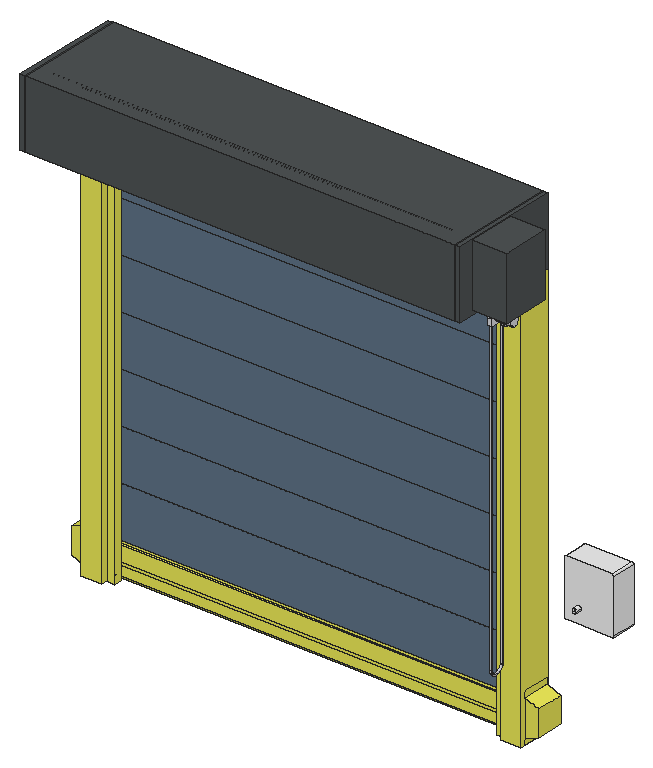
Revit family "Doors_Industrial_Wayne-Dalton_Interior-Freezer-&-Cooler-Doors-Model-887-ADV-Xtreme_new", category Specialty Equipment, host Wall, Revit 2019
Family settings
  Host = Wall
  Round Connector Dimension = Use Diameter
  Part Type = Normal
  OmniClass Number = 23.30.10.21.34
  OmniClass Title = Industrial Doors
  Always vertical = Yes
  Cut with Voids When Loaded = No
  Shared = No
  Room Calculation Point = No
Parameters (values of type "230 volts, three phase, 60 Hz (208-245V range)")
  Voltage Option = if(Voltage = 230 V, 1, if(Voltage = 460 V, 2, 3))  # 1
  True Width [instance] = [Door Width (Real)]  # 10' - 0"
  True Height [instance] = [Door Height (Real)]  # 10' - 0"
  Slat Height = 1' - 4"  # constant formula
  Product Page URL = "https://www.wayne-dalton.com/high-speed-interior-fabric-door-887"
  Powder Coat (Note) = "Standard color for guides and bottom bar is yellow. Approximately 200 optional RAL powder coat colors are also available."  # constant formula
  Panel Material [instance] = Insulated Vinyl - Wayne Dalton - Blue
  Panel Length [instance] = [Door Width (Real)] + 0' 5"  # 10' - 5"
  Motor Cover [instance] = yes
  Hood Material = Metal - Wayne Dalton - Black
  Headroom Height [instance] = if(and([Door Height (Real)] > 8' 0", Air Curtain Option < 3), 3' 6", 3' 0")  # 3' - 6"
  External Transformer [instance] = if(Air Curtain Option = 2, 1 = 1, 1 = 2)  # no
  Door Width (Real) [instance] = if(Door Width > Max Door Width, Max Door Width, if(Door Width < Min Door Width, Min Door Width, Door Width))  # 10' - 0"
  Door Height (Real) [instance] = if(Door Height > Max Door Height, Max Door Height, if(Door Height < Min Door Height, Min Door Height, Door Height))  # 10' - 0"
  Rough Width [instance] = [Door Width (Real)]  # 10' - 0"
  Rough Height [instance] = [Door Height (Real)] - 0' 10 1/2"  # 9' - 1 1/2"
  Opening Width [instance] = Rough Width  # 10' - 0"
  Opening Height [instance] = Rough Height  # 9' - 1 1/2"
  Voltage = 230 V
  URL = "https://www.wayne-dalton.com/"
  Product data url = "https://www.bimobject.com/wayne-dalton/product/interior-freezer-cooler-doors-model-887-ADV-Xtreme"
  Product Guid = "093fc43b-de7a-4cc4-b14f-1d33e952d7d3"
  Power Factor = 1
  Number of Poles = 3
  Model = "887"  # constant formula
  Min Door Width [instance] = 4' - 0"  # constant formula
  Min Door Height [instance] = 4' - 0"  # constant formula
  Max Door Width [instance] = 12' - 0"  # constant formula
  Max Door Height [instance] = 18' - 0"  # constant formula
  Manufacturer = "Wayne Dalton"  # constant formula
  Frequency = 60 Hz  # constant formula
  Wall Closure = By host
  Floor To (CL) of Shaft [instance] = [Door Height (Real)] + Headroom Height - 0' 5 59/128"  # 13' - 0 69/128"
  Apparent Load Phase 3 [instance] = if(Number of Poles = 1, 0 VA, (Voltage * Current * sqrt(3)) / 3)  # 10623.2 VA
  Apparent Load Phase 2 [instance] = if(Number of Poles = 1, 0 VA, (Voltage * Current * sqrt(3)) / 3)  # 10623.2 VA
  Apparent Load Phase 1 [instance] = if(Number of Poles = 1, Voltage * Current, (Voltage * Current * sqrt(3)) / 3)  # 10623.2 VA
  Air Curtain Option [instance] = 1
  Additional Current W/O Air Curtain = if(Voltage = 460 V, 15 A, 20 A)  # 20 A
  Connector Description = "Rapidflex Large Control Panel"  # constant formula
  Finish Material = Finish - Wayne Dalton - Yellow
  Door Width [instance] = 10' - 0"
  Door Height [instance] = 10' - 0"
  Description = "Designed for thermal control and ideal for cold and food and beverage storage, Model 887 ADV-Xtreme features an insulated curtain with actively heated guides that ensures a uniform temperature and smooth door movement.‬‬ The innovative springless design requires minimal interruption for maintenance and the curtain comes pre-wrapped, ready for installation. Pre-wired motor, guide heater and air curtain connection and plug and play accessories help reduce the need for a licensed electrician."  # constant formula
  Current [instance] = if(and(Voltage Option = 1, Air Curtain Option < 3), [Additional Current W/O Air Curtain] + 60 A, if(and(Voltage Option = 2, or(Air Curtain Option = 1, Air Curtain Option < 1)), [Additional Current W/O Air Curtain] + 30 A, if(and(Voltage Option = 2, Air Curtain Option = 2), [Additional Current W/O Air Curtain] + 60 A, if(and(Voltage Option = 3, or(Air Curtain Option = 1, Air Curtain Option < 1)), [Additional Current W/O Air Curtain] + 15 A, if(and(Voltage Option = 3, Air Curtain Option = 2), [Additional Current W/O Air Curtain] + 60 A, [Additional Current W/O Air Curtain])))))  # 80 A
  Backroom Depth [instance] = 2' - 10 1/2"  # constant formula
  Array [instance] = roundup((Rough Height + Headroom Height - 1' 9 41/128" - 0' 11 1/2") / Slat Height)  # 8
  Air Curtain Type [instance] = if(or(Air Curtain Option < 1, Air Curtain Option = 1), "Ambient Air Curtain", if(Air Curtain Option = 2, "Heated Air Curtain", "No Air Curtain"))  # "Ambient Air Curtain"
Types (3): name | Voltage Option | Voltage | Apparent Load Phase 3 | Apparent Load Phase 2 | Apparent Load Phase 1 | Additional Current W/O Air Curtain | Current
  230 volts, three phase, 60 Hz (208-245V range) | 1 | 230 V | 10623.2 VA | 10623.2 VA | 10623.2 VA | 20 A | 80 A
  460 volts, three phase, 60 Hz (456-495V range) | 2 | 460 V | 11951.2 VA | 11951.2 VA | 11951.2 VA | 15 A | 45 A
  575 volts, three phase, 60 Hz | 3 | 575 V | 11619.2 VA | 11619.2 VA | 11619.2 VA | 20 A | 35 A
Reference planes (in)
  plane 1 "Center (Front/Back)": y = 0
  plane 2 "Center (Left/Right)": x = 0
  plane 3 "Left": x = -60
  plane 4 "Right": x = 60
  plane 5 "Top": z = 120
  plane 6 "Exterior": y = 1.5
  plane 7 "Interior": y = -4.5
  plane 8: x = 60
  plane 9: x = -60
  plane 10: z = 109.5
  plane 11: z = 151.5
  plane 12 "Main": y = -9.75
  plane 13: y = -39
  plane 14 "Main Door Block": y = -4.5
  plane 15: z = 47.47
  plane 16: z = 11.5
  plane 17: z = 11.5
  plane 18: x = 62.5
  plane 19: x = -62.5
  plane 20: z = 27.5
  plane 21: z = 27.5
  plane 22: z = 43.5
  plane 23: y = -8.75
  plane 24: y = -10.815
  plane 25: z = 43.5
  plane 26: z = 59.5
  plane 27: z = 75.5
  plane 28: z = 91.5
  plane 29: z = 107.5
  plane 30: z = 123.5
Forms (in)
  Extrusion 1, solid, material "Insulated Vinyl - Wayne Dalton - Blue" <- "Panel Material"
    sketch origin (-62.5, -12, 0) x (0, 0, 1) y (0, -1, 0)
      loop
        line (27.5, -3.25) -> (27.5, -1.185) -> (11.5, -1.185) -> (11.5, -3.25) -> (27.5, -3.25)
    from 0 to 125 <- "Panel Length"
  Extrusion 2, solid, material "Insulated Vinyl - Wayne Dalton - Blue" <- "Panel Material"
    sketch origin (-62.5, -12, 16) x (0, 0, 1) y (0, -1, 0)
      loop
        line (27.5, -3.25) -> (27.5, -1.185) -> (11.5, -1.185) -> (11.5, -3.25) -> (27.5, -3.25)
    from 0 to 125 <- "Panel Length"
  Extrusion 3, solid, material "Insulated Vinyl - Wayne Dalton - Blue" <- "Panel Material"
    sketch origin (-62.5, -12, 32) x (0, 0, 1) y (0, -1, 0)
      loop
        line (27.5, -3.25) -> (27.5, -1.185) -> (11.5, -1.185) -> (11.5, -3.25) -> (27.5, -3.25)
    from 0 to 125 <- "Panel Length"
  Extrusion 4, solid, material "Insulated Vinyl - Wayne Dalton - Blue" <- "Panel Material"
    sketch origin (-62.5, -12, 48) x (0, 0, 1) y (0, -1, 0)
      loop
        line (27.5, -3.25) -> (27.5, -1.185) -> (11.5, -1.185) -> (11.5, -3.25) -> (27.5, -3.25)
    from 0 to 125 <- "Panel Length"
  Extrusion 5, solid, material "Insulated Vinyl - Wayne Dalton - Blue" <- "Panel Material"
    sketch origin (-62.5, -12, 64) x (0, 0, 1) y (0, -1, 0)
      loop
        line (27.5, -3.25) -> (27.5, -1.185) -> (11.5, -1.185) -> (11.5, -3.25) -> (27.5, -3.25)
    from 0 to 125 <- "Panel Length"
  Extrusion 6, solid, material "Insulated Vinyl - Wayne Dalton - Blue" <- "Panel Material"
    sketch origin (-62.5, -12, 80) x (0, 0, 1) y (0, -1, 0)
      loop
        line (27.5, -3.25) -> (27.5, -1.185) -> (11.5, -1.185) -> (11.5, -3.25) -> (27.5, -3.25)
    from 0 to 125 <- "Panel Length"
  Extrusion 7, solid, material "Insulated Vinyl - Wayne Dalton - Blue" <- "Panel Material"
    sketch origin (-62.5, -12, 96) x (0, 0, 1) y (0, -1, 0)
      loop
        line (27.5, -3.25) -> (27.5, -1.185) -> (11.5, -1.185) -> (11.5, -3.25) -> (27.5, -3.25)
    from 0 to 125 <- "Panel Length"
  Extrusion 8, solid, material "Insulated Vinyl - Wayne Dalton - Blue" <- "Panel Material"
    sketch origin (-62.5, -12, 112) x (0, 0, 1) y (0, -1, 0)
      loop
        line (27.5, -3.25) -> (27.5, -1.185) -> (11.5, -1.185) -> (11.5, -3.25) -> (27.5, -3.25)
    from 0 to 125 <- "Panel Length"
Lines and regions (in)
  Opening 1
    outline origin (-90, -4.5, 0) x (1, 0, 0) y (0, 0, 1)
      loop
        line (30, 0) -> (150, 0) -> (150, 109.5) -> (30, 109.5) -> (30, 0)
Text (in)
  text "Exterior" at (-74.96733, 27.31104, 0), in view "Ref. Level"
  text "Interior" at (-74.96733, -25.14366, 0), in view "Ref. Level"
  text "Exterior" at (0, 40.15149, 123.01588), in view "Right"
  text "Interior" at (0, -64.39139, 123.01588), in view "Right"
  text "Interior" at (0, -31.01599, 123.00693), in view "Left"
  text "Exterior" at (0, 54.57065, 123.00693), in view "Left"
Dimensions and locks (in)
  equal spacing: plane 3 "Left", plane 2 "Center (Left/Right)", plane 4 "Right"
  "Door Height (Real)": level to plane 5 "Top"
  "Door Width (Real)": plane 3 "Left" to plane 4 "Right"
  host wall to plane 5 "Top" = 10' - 0"
  level to host wall = 38' - 3.59655"
  "Rough Height": level to plane 10
  equal spacing: plane 9, plane 2 "Center (Left/Right)", plane 8
  "Rough Width": plane 8 to plane 9
  "Headroom Height": plane 10 to plane 11
  "Backroom Depth": plane 7 "Interior" to plane 13
  plane 10 to level = 9' - 1 1/2"
  locked: plane 14 "Main Door Block" to plane 12 "Main" at 5.25
  plane 1 "Center (Front/Back)" to plane 7 "Interior" = 0' - 4 1/2"
  locked: Extrusion 1 sketch curve to Extrusion 1 sketch curve at 2.065
  locked: Extrusion 1 sketch curve to plane 17 at 16
  locked: plane 9 to plane 19 at 2.5
  locked: plane 18 to plane 8 at 2.5
  locked: Extrusion 2 sketch curve to Extrusion 2 sketch curve at 2.065
  locked: Extrusion 2 sketch curve to plane 20 at 16
  equal spacing: group 1, group 2, group 3, group 4, group 5, group 6, group 7, group 8  (x3)
  locked: plane 16 to nested 1 at 11.5
  "Slat Height": plane 21 to plane 16
  "Slat Height": plane 22 to plane 21
  locked: plane 16 to level at 11.5
  locked: plane 23 to plane 12 "Main" at 1
  locked: plane 23 to plane 24 at 2.065
  locked: plane 6 "Exterior" to plane 1 "Center (Front/Back)" at 1.5
  locked: Extrusion 3 sketch curve to Extrusion 3 sketch curve at 2.065
  locked: Extrusion 3 sketch curve to plane 25 at 16
  locked: Extrusion 4 sketch curve to Extrusion 4 sketch curve at 2.065
  locked: Extrusion 4 sketch curve to plane 26 at 16
  equal spacing: plane 8, plane 2 "Center (Left/Right)", plane 9
  nested 1 to plane 10 = 1' - 8 87/128"
  locked: Extrusion 5 sketch curve to Extrusion 5 sketch curve at 2.065
  locked: Extrusion 5 sketch curve to plane 27 at 16
  locked: Extrusion 6 sketch curve to Extrusion 6 sketch curve at 2.065
  locked: Extrusion 6 sketch curve to plane 28 at 16
  locked: Extrusion 7 sketch curve to Extrusion 7 sketch curve at 2.065
  locked: Extrusion 7 sketch curve to plane 29 at 16
  locked: Extrusion 8 sketch curve to Extrusion 8 sketch curve at 2.065
  locked: Extrusion 8 sketch curve to plane 30 at 16
  aligned and locked: Opening 1 sketch curve to level
  aligned and locked: plane 6 "Exterior" to host wall
  aligned and locked: host wall to plane 7 "Interior"
  aligned and locked: plane 9 to Opening 1 sketch curve
  aligned and locked: plane 8 to Opening 1 sketch curve
  aligned and locked: Opening 1 sketch curve to plane 10
  aligned and locked: nested 1 to plane 7 "Interior"
  aligned and locked: nested 1 to plane 2 "Center (Left/Right)"
  aligned and locked: level to nested 1
  aligned and locked: plane 14 "Main Door Block" to plane 7 "Interior"
  aligned and locked: Extrusion 1 to plane 16
  aligned and locked: Extrusion 2 to plane 21
  aligned and locked: plane 22 to Extrusion 2
  aligned and locked: plane 24 to Extrusion 2
  aligned and locked: plane 24 to Extrusion 1
  aligned and locked: Extrusion 1 to plane 19
  aligned and locked: Extrusion 2 to plane 19
Automatic sketch dimensions
  Extrusion 1 sketch curve to plane 17 = 0' - 0"
  Extrusion 2 sketch curve to plane 20 = 0' - 0"
  Extrusion 3 sketch curve to plane 25 = 0' - 0"
  Extrusion 4 sketch curve to plane 26 = 0' - 0"
  Extrusion 5 sketch curve to plane 27 = 0' - 0"
  Extrusion 6 sketch curve to plane 28 = 0' - 0"
  Extrusion 7 sketch curve to plane 29 = 0' - 0"
  Extrusion 8 sketch curve to plane 30 = 0' - 0"
Nested families (in)
  nested 1: "Lifts" at (0, -4.5, 0) x (-1, 0, 0) z (0, 0, 1), Motor Cover <- "Motor Cover", Air Curtain Option <- "Air Curtain Option", type "Frame Unit"
    with Spool Radius 1' - 2", Rod 2 no, Rod 1 no, Right Motor Position yes, No Air Curtain yes, Motor Cover Off no, Motor Cover yes, Masking Region Right Motor no, Masking Region Left Motor no, Left Motor Position no, Header Option 1, Floor To (CL) of Shaft 12' - 2.04", Electric Operator Position 14' - 8.16", Air Curtain Option 1
Connectors (in)
  electrical at (88.08, -12.04, 48), driven by "Number of Poles", driven by "Voltage", driven by "Apparent Load Phase 1", driven by "Power Factor", driven by "Connector Description", driven by "Apparent Load Phase 2", driven by "Apparent Load Phase 3"
    settings: on nested 1, index 1, voltage 230 V, apparent load 0 VA, apparent load phase1 10623.2 VA, apparent load phase2 10623.2 VA, apparent load phase3 10623.2 VA, power factor 1, load classification "Other", number of poles 3, system type 31, power factor state 1, is connector primary yes, connector utility no, sub classification motor no, connector description "Rapidflex Large Control Panel"
Definition of nested family "Lifts"
  Parameters (values of type "Frame Unit")
    Spool Radius [instance] = if(or(Header Option < 1, Header Option = 1), 1' 2", 1' 5.7")  # 1' - 5.7"
    Shaft Material = none
    Rod 2 [instance] = if(and(not(Motor Cover), Right Motor Position), 1 = 1, 1 = 2)  # no
    Rod 1 [instance] = if(and(not(Motor Cover), Left Motor Position), 1 = 1, 1 = 2)  # no
    Right Motor Position [instance] = yes
    Opening Width = 10' - 0"
    No Air Curtain [instance] = if(Air Curtain Option > 2, 1 = 2, 1 = 1)  # yes
    Naked Header = not(Hood Option)  # no
    Motor Cover Off [instance] = not(Motor Cover)  # no
    Motor Cover [instance] = yes
    Masking Region Right Motor [instance] = if(and(Right Motor Position, Motor Cover Off), 1 = 1, 1 = 2)  # no
    Masking Region Left Motor [instance] = if(and(Left Motor Position, Motor Cover Off), 1 = 1, 1 = 2)  # no
    Left Motor Position [instance] = yes
    Hood Option = yes
    Hood Material = none
    Headroom Height = 3' - 6"
    Header Width = 2' - 10 1/2"
    Header Option [instance] = 2
    Header Height = 1' - 9 41/128"
    Guid Width = 0' - 9"
    External Transformer = no
    Electric Operator Position [instance] = if(Right Motor Position, (2' 4.08" * 2 + Opening Width), 0' 0")  # 14' - 8.16"
    Clearance = yes
    Opening Height = 9' - 1 1/2"
    Floor To (CL) of Shaft [instance] = Opening Height + Headroom Height - 0' 5.46"  # 12' - 2.04"
    Finish Material = none
    Analytic Construction = "<None>"
    Air Curtain Option [instance] = 1
  Reference planes (in)
    plane 1 "Center (Front/Back)": y = 0
    plane 2: z = 0
    plane 3 "Center (Left/Right)": x = 0
    plane 4 "Left": x = -60
    plane 5 "Right": x = 60
    plane 6 "Center Line of Shaft": z = 146.04
    plane 7 "Headroom Top": z = 151.5
    plane 8 "Opening Height": z = 109.5
    plane 9: x = -78
    plane 10 "Shaft": x = -75.54413
    plane 11 "Box": x = -88.08
    plane 12 "EBOX": z = 48
    plane 13: z = 39.09375
    plane 14: z = 56.90625
    plane 15: z = 43.5
    plane 16: y = 14.53
    plane 17: y = 7.54
    plane 18: z = 130.17969
    plane 19: y = 34.5
    plane 20: x = 78
    plane 21: x = 69
    plane 22: x = -69
    plane 23: x = -80.33
    plane 24: x = -95.83
    plane 25 "Center L/NN": x = 88.08
    plane 26: y = 5.2825
    plane 27: x = 62.5
    plane 28: x = -62.5
    plane 29: y = 0.437
    plane 30: y = 9.6225
    plane 31: y = 8.6825
    plane 32: y = 10.5625
    plane 33: y = 10.5625
    plane 34: y = 9.067
    plane 35: x = 58.5
    plane 36: x = -58.5
    plane 37: x = 70.5
    plane 38: x = -78
    plane 39: y = -21.1994
    plane 40: y = -20.6994
  Forms (in)
    Extrusion 1, solid, material <- "Shaft Material"
      sketch origin (0, 0, 0) x (0, 1, 0) y (0, 0, 1)
        loop
          circle (20.3, 146.04) r 0.78
      from -78 to 70.5
    Extrusion 2, solid, material <- "Hood Material"
      sketch origin (60, 0, 0) x (0, -1, 0) y (0, 0, 1)
        loop
          circle (-20.3, 146.04) r 2.5
      from -6.97 to -8.254
    Extrusion 3, solid
      sketch origin (-1.95651, 0, 0) x (1, 0, 0) y (0, 0, 1)
        loop
          line (-78.87349, 56.90625) -> (-93.37349, 56.90625)
          arc (-93.37349, 56.90625) -> (-93.72704, 56.7598) -> (-93.87349, 56.40625) r 0.5
          line (-93.87349, 56.40625) -> (-93.87349, 39.59375)
          arc (-93.87349, 39.59375) -> (-93.72704, 39.2402) -> (-93.37349, 39.09375) r 0.5
          line (-93.37349, 39.09375) -> (-78.87349, 39.09375)
          arc (-78.87349, 39.09375) -> (-78.51993, 39.2402) -> (-78.37349, 39.59375) r 0.5
          line (-78.37349, 39.59375) -> (-78.37349, 56.40625)
          arc (-78.37349, 56.40625) -> (-78.51993, 56.7598) -> (-78.87349, 56.90625) r 0.5
      from -7.54 to 0
    Revolve 4, solid, visible <- "Right Motor Position"
      sketch origin (-55.03203, -180, 43.5) x (-1, 0, 0) y (0, -1, 0)
        loop
          line (29.68797, -187.54) -> (28.93797, -187.54) -> (29.08797, -189.312) -> (29.68797, -189.312) -> (29.68797, -187.54)
        axis (29.68797, -187.54) -> (29.68797, -189.312)
      angle from 0 to 360
    Extrusion 5, solid, material <- "Finish Material"
      sketch origin (0, 0, 0) x (1, 0, 0) y (0, 1, 0)
        loop
          line (-69, 0) -> (-62.5, 0) -> (-62.5, 1.75) -> (-60, 1.75) -> (-60, 4.25) -> (-63.25, 4.25) -> (-63.25, 6.3125) -> (-60, 6.3125) -> (-60, 8.8125) -> (-62.5, 8.8125) -> (-62.5, 10.5625) -> (-69, 10.5625) -> (-69, 0)
        loop
          line (69, 0) -> (69, 10.5625) -> (62.5, 10.5625) -> (62.5, 8.8125) -> (60, 8.8125) -> (60, 6.3125) -> (63.25, 6.3125) -> (63.25, 4.25) -> (60, 4.25) -> (60, 1.75) -> (62.5, 1.75) -> (62.5, 0) -> (69, 0)
      from 0 to 130.17969
    Extrusion 6, solid, material <- "Hood Material", visible <- "Hood Option"
      sketch origin (0, 0, 0) x (0, 1, 0) y (0, 0, 1)
        loop
          line (0, 130.17969) -> (34.5, 130.17969) -> (34.5, 151.5) -> (0, 151.5) -> (0, 130.17969)
      from -67.475 to 67.475
    Extrusion 7, solid, material <- "Hood Material"
      sketch origin (0, 0, 0) x (1, 0, 0) y (0, 1, 0)
        loop
          line (69, 0) -> (69, 34.5) -> (67.475, 34.5) -> (67.475, 0) -> (69, 0)
        loop
          line (-69, 0) -> (-67.475, 0) -> (-67.475, 34.5) -> (-69, 34.5) -> (-69, 0)
      from 130.17969 to 151.5
    Extrusion 8, solid, material <- "Hood Material"
      sketch origin (-60, -60, 48) x (0, -1, 0) y (0, 0, 1)
        loop
          circle (-80.3, 98.04) r 2.5
      from 6.97 to 8.254
    Extrusion 9, solid, visible <- "External Transformer"
      sketch origin (0, 0, 48) x (1, 0, 0) y (0, 1, 0)
        loop
          line (-93.08, 0) -> (-83.08, 0) -> (-83.08, 0.125) -> (-84.58, 0.125) -> (-84.58, 7) -> (-91.58, 7) -> (-91.58, 0.125) -> (-93.08, 0.125) -> (-93.08, 0)
      from -22 to -10
    Extrusion 10, solid, material <- "Shaft Material"
      sketch origin (0, 0, 0) x (0, 1, 0) y (0, 0, 1)
        loop
          circle (7.77, 136.22) r 0.78
      from -70.5 to 70.5
    Extrusion 11, solid, material <- "Finish Material"
      sketch origin (0, 0, 0) x (0, 1, 0) y (0, 0, 1)
        loop
          arc (5.28066, 0.24186) -> (5.87463, 0.48789) -> (6.12066, 1.08186) r 0.84
          line (6.12066, 1.08186) -> (6.12066, 4.45647) -> (6.3125, 4.45647) -> (6.3125, 5.24849) -> (6.1825, 5.24849) -> (6.1825, 9.94196) -> (5.70511, 10.15451) -> (5.70511, 11.5) -> (4.95511, 11.5) -> (4.95511, 10.11927) -> (4.45511, 10.11927) -> (4.37974, 9.75525) -> (4.37974, 5.24849) -> (4.25, 5.24849) -> (4.25, 4.45647) -> (4.44434, 4.45647) -> (4.44434, 1.08186)
          arc (4.44434, 1.08186) -> (4.69037, 0.48789) -> (5.28434, 0.24186) r 0.84
      from -62.5 to 62.5
    Extrusion 12, solid, material <- "Finish Material"
      sketch origin (0, 0, 0) x (1, 0, 0) y (0, 0, 1)
        loop
          line (69, 15.5) -> (69, 0.24186) -> (69.12104, 0.24186) -> (69.12104, 2.04186) -> (73.24004, 3.80897) -> (73.24004, 11.933) -> (69.12104, 13.7) -> (69.12104, 15.5) -> (69, 15.5)
        loop
          line (-69, 15.5) -> (-69.12104, 15.5) -> (-69.12104, 13.7) -> (-73.24004, 11.933) -> (-73.24004, 3.80897) -> (-69.12104, 2.04186) -> (-69.12104, 0.24186) -> (-69, 0.24186) -> (-69, 15.5)
      from -9.067 to -0.437
    Extrusion 13, solid, material <- "Hood Material", visible <- "No Air Curtain"
      sketch origin (0, 0, 0) x (0, 1, 0) y (0, 0, 1)
        loop
          line (15.095, 121.13969) -> (21.144, 121.13969) -> (23.595, 125.66419) -> (21.144, 130.17969) -> (15.095, 130.17969) -> (15.095, 121.13969)
      from -58.5 to 58.5
    Extrusion 14, solid, material <- "Hood Material"
      sketch origin (60, -12, 0) x (0, -1, 0) y (0, 0, 1)
        loop
          circle (-19.77, 136.22) r 2.5
      from -6.97 to -8.254
    Extrusion 15, solid, material <- "Hood Material"
      sketch origin (-60, -72.25, 48) x (0, -1, 0) y (0, 0, 1)
        loop
          circle (-80.02, 88.22) r 2.5
      from 6.97 to 8.254
    Extrusion 16, void
      sketch origin (-94.955, 0.125, 48) x (1, 0, 0) y (0, 0, -1)
        loop
          line (11.875, 11) -> (10.375, 11) -> (10.375, 10) -> (14.02973, 10) -> (14.02973, 22) -> (10.375, 22) -> (10.375, 15.5) -> (11.875, 15.5) -> (11.875, 11)
        loop
          line (1.875, 15.5) -> (3.375, 15.5) -> (3.375, 22) -> (0.02973, 22) -> (0.02973, 10) -> (3.375, 10) -> (3.375, 11) -> (1.875, 11) -> (1.875, 15.5)
      from -0.125 to 6.875
  Cuts and joins
    Extrusion 16 cuts Extrusion 9
  Lines and regions (in)
    Masking region 1
      outline origin (0, 0, 0) x (1, 0, 0) y (0, 1, 0)
        loop
          line (-95.83, 0) -> (-80.33, 0) -> (-80.33, 7.54) -> (-95.83, 7.54) -> (-95.83, 0)
    Masking region 2, visible <- "Right Motor Position"
      outline origin (0, 0, 0) x (1, 0, 0) y (0, 1, 0)
        loop
          line (-83.97, 7.54) -> (-84.12, 9.312) -> (-85.32, 9.312) -> (-85.47, 7.54) -> (-83.97, 7.54)
    Masking region 3, visible <- "Hood Option"
      outline origin (0, 0, 0) x (1, 0, 0) y (0, 1, 0)
        loop
          line (69, 34.5) -> (-69, 34.5) -> (-69, 0) -> (69, 0) -> (69, 34.5)
    Masking region 4, visible <- "Naked Header"
      outline origin (0, 0, 0) x (1, 0, 0) y (0, 1, 0)
        loop
          line (-59.1721, 4.9297) -> (-59, 4.80919) -> (-59, 3.43021) -> (-59.1721, 3.3097) -> (59.1721, 3.3097) -> (59, 3.43021) -> (59, 4.80919) -> (59.1721, 4.9297) -> (-59.1721, 4.9297)
    Masking region 5, visible <- "Right Motor Position"
      outline origin (0, 0, 0) x (1, 0, 0) y (0, 1, 0)
        loop
          line (69, 21.08) -> (69, 19.52) -> (70.5, 19.52) -> (70.5, 21.08) -> (69, 21.08)
    Masking region 6
      outline origin (0, 0, 0) x (1, 0, 0) y (0, 1, 0)
        loop
          line (70.5, 8.55) -> (69, 8.55) -> (69, 6.98114) -> (70.5, 6.98114) -> (70.5, 8.55)
    Masking region 7, built-in parameter 1006206 <- "Left Motor Position"
      outline origin (0, 0, 0) x (1, 0, 0) y (0, 1, 0)
        loop
          line (-70.5, 8.55) -> (-70.5, 6.99454) -> (-69, 6.99454) -> (-69, 8.55) -> (-70.5, 8.55)
    Masking region 8, visible <- "Rod 2"
      outline origin (0, 0, 0) x (0, 1, 0) y (-1, 0, 0)
        loop
          line (21.08, 78) -> (19.52, 78) -> (19.52, 77.23047) -> (20.39891, 77.23047) -> (20.39891, 76.69922) -> (21.08, 76.69922) -> (21.08, 78)
        loop
          line (21.08, 69) -> (21.08, 70.92348) -> (20.90422, 70.92348) -> (20.90422, 72.158) -> (21.08, 72.158) -> (21.08, 72.758) -> (20.39, 72.758) -> (20.39, 72.218) -> (19.52, 72.218) -> (19.52, 69) -> (21.08, 69)
    Masking region 9
      outline origin (0, 0, 0) x (1, 0, 0) y (0, 1, 0)
        loop
          line (69, 9.067) -> (69, 8.55) -> (70.5, 8.55) -> (70.5, 6.98114) -> (69, 6.98114) -> (69, 0.437) -> (73.24004, 0.437) -> (73.24004, 9.067) -> (69, 9.067)
    Masking region 10
      outline origin (0, 0, 0) x (1, 0, 0) y (0, 1, 0)
        loop
          line (-69, 9.067) -> (-73.24004, 9.067) -> (-73.24004, 0.437) -> (-69, 0.437) -> (-69, 6.99454) -> (-70.5, 6.99454) -> (-70.5, 8.55) -> (-69, 8.55) -> (-69, 9.067)
    symbolic lines
      curve 1: line (-67.475, 34.5, 0) -> (-67.475, 0, 0)
      curve 2: line (67.475, 0, 0) -> (67.475, 34.5, 0)
  Dimensions and locks (in)
    equal spacing: plane 4 "Left", plane 3 "Center (Left/Right)", plane 5 "Right"
    "Opening Width": plane 4 "Left" to plane 5 "Right"
    "Opening Height": plane 8 "Opening Height" to level
    locked: level to plane 12 "EBOX" at 48
    locked: plane 11 "Box" to Revolve 4 sketch curve at 3.36
    equal spacing: plane 14, plane 12 "EBOX", plane 13
    locked: plane 12 "EBOX" to plane 15 at 4.5
    locked: plane 13 to plane 14 at 17.8125
    locked: plane 10 "Shaft" to plane 4 "Left" at 15.54413
    locked: plane 17 to plane 1 "Center (Front/Back)" at 7.54
    locked: Revolve 4 sketch curve to Revolve 4 sketch curve at 0.6
    locked: Revolve 4 sketch curve to Revolve 4 sketch curve at 0.75
    locked: plane 17 to Revolve 4 sketch curve at 1.772
    "Guid Width": Extrusion 5 sketch curve to plane 4 "Left"
    locked: plane 1 "Center (Front/Back)" to Extrusion 5 sketch curve at 10.5625  (x2)
    "Header Width": plane 1 "Center (Front/Back)" to Extrusion 6 sketch curve
    locked: Extrusion 6 to plane 4 "Left" at 7.475
    locked: plane 5 "Right" to Extrusion 6 at 7.475
    "Header Width": plane 1 "Center (Front/Back)" to Extrusion 7 sketch curve  (x2)
    "Header Width": plane 1 "Center (Front/Back)" to plane 19
    "Floor To (CL) of Shaft": plane 6 "Center Line of Shaft" to level
    plane 1 "Center (Front/Back)" to plane 16 = 1' - 2.53"
    locked: plane 22 to nested 1 at 5.729
    "Guid Width": plane 4 "Left" to plane 22
    "Guid Width": plane 5 "Right" to plane 21
    locked: plane 22 to Extrusion 7 sketch curve at 1.525
    locked: Extrusion 2 to plane 21 at 0.746
    locked: plane 22 to Extrusion 8 at 0.746
    locked: plane 11 "Box" to plane 24 at 7.75
    locked: plane 23 to plane 11 "Box" at 7.75
    locked: Masking region 5 sketch curve to Masking region 5 sketch curve at 1.56
    locked: plane 1 "Center (Front/Back)" to Extrusion 9 sketch curve at 0.125
    plane 11 "Box" to Extrusion 9 sketch curve = 0' - 3 1/2"
    Extrusion 9 sketch curve to plane 11 "Box" = 0' - 3 1/2"
    plane 1 "Center (Front/Back)" to Extrusion 9 sketch curve = 0' - 7"
    equal spacing: Masking region 1 sketch curve, plane 11 "Box", Masking region 1 sketch curve
    locked: Masking region 1 sketch curve to Masking region 1 sketch curve at 15.5
    Extrusion 1 sketch curve to plane 19 = 1' - 2.2"
    locked: Extrusion 2 sketch curve to plane 19 at 14.2
    locked: Extrusion 8 sketch curve to plane 19 at 14.2
    locked: plane 7 "Headroom Top" to Extrusion 10 sketch curve at 15.28
    Extrusion 10 sketch curve to plane 19 = 2' - 2.73"
    locked: Extrusion 5 sketch curve to plane 4 "Left" at 2.5
    locked: plane 5 "Right" to Extrusion 5 sketch curve at 2.5
    "Guid Width": plane 5 "Right" to Extrusion 5 sketch curve
    Extrusion 5 to plane 20 = 1' - 6"
    plane 9 to Extrusion 5 = 1' - 6"
    "Electric Operator Position": plane 25 "Center L/NN" to plane 11 "Box"
    locked: plane 5 "Right" to plane 25 "Center L/NN" at 28.08
    "Headroom Height": plane 7 "Headroom Top" to plane 8 "Opening Height"
    plane 7 "Headroom Top" to plane 6 "Center Line of Shaft" = 0' - 5.46"
    "Header Height": plane 7 "Headroom Top" to plane 18
    locked: plane 4 "Left" to plane 28 at 2.5
    locked: plane 5 "Right" to plane 27 at 2.5
    locked: Extrusion 12 sketch curve to Extrusion 12 sketch curve at 1.8  (x3)
    locked: Extrusion 12 sketch curve to level at 0.24186
    locked: Extrusion 12 sketch curve to plane 21 at 0.12104
    locked: Extrusion 12 sketch curve to Extrusion 12 sketch curve at 15.25814  (x2)
    locked: Extrusion 12 sketch curve to plane 21 at 4.24004
    locked: Extrusion 12 sketch curve to plane 2 at 0.24186
    locked: plane 22 to Extrusion 12 sketch curve at 4.24004
    locked: plane 29 to plane 1 "Center (Front/Back)" at 0.437
    locked: plane 34 to plane 29 at 8.63
    locked: plane 18 to Extrusion 13 sketch curve at 9.04
    locked: plane 1 "Center (Front/Back)" to Extrusion 13 sketch curve at 15.095
    locked: Extrusion 13 sketch curve to Extrusion 13 sketch curve at 4.5245
    locked: Extrusion 13 sketch curve to Extrusion 13 sketch curve at 6.049
    locked: Extrusion 13 sketch curve to Extrusion 13 sketch curve at 8.5
    locked: plane 35 to plane 5 "Right" at 1.5
    locked: plane 4 "Left" to plane 36 at 1.5
    locked: Extrusion 10 to plane 22 at 1.5
    locked: plane 21 to Extrusion 10 at 1.5
    locked: Masking region 8 sketch curve to plane 22 at 1.92348
    locked: Masking region 8 sketch curve to Masking region 8 sketch curve at 1.23452
    locked: Masking region 8 sketch curve to Masking region 8 sketch curve at 0.6
    locked: Extrusion 1 to Masking region 8 sketch curve at 1.30078
    locked: Masking region 8 sketch curve to Masking region 8 sketch curve at 0.68109
    locked: plane 19 to Extrusion 14 sketch curve at 26.73
    locked: plane 7 "Headroom Top" to Extrusion 14 sketch curve at 15.28
    locked: plane 7 "Headroom Top" to Extrusion 15 sketch curve at 15.28
    locked: plane 19 to Extrusion 15 sketch curve at 26.73
    locked: Masking region 8 sketch curve to Masking region 8 sketch curve at 0.87
    locked: plane 38 to plane 4 "Left" at 18
    locked: Masking region 8 sketch curve to Masking region 8 sketch curve at 3.218
    locked: plane 38 to Masking region 8 sketch curve at 0.76953
    locked: plane 21 to Masking region 9 sketch curve at 4.24004
    locked: plane 21 to Masking region 9 sketch curve at 1.5
    locked: Masking region 9 sketch curve to plane 34 at 0.517
    locked: Masking region 9 sketch curve to Masking region 9 sketch curve at 1.56886
    locked: Masking region 10 sketch curve to plane 22 at 4.24004
    locked: Masking region 10 sketch curve to plane 22 at 1.5
    locked: Masking region 10 sketch curve to plane 34 at 0.517
    locked: Masking region 10 sketch curve to Masking region 10 sketch curve at 1.55546
    locked: Extrusion 11 sketch curve to level at 11.5
    locked: Extrusion 11 sketch curve to plane 26 at 0.32739
    locked: Extrusion 11 sketch curve to Extrusion 11 sketch curve at 0.75
    locked: Extrusion 11 sketch curve to level at 4.45647
    locked: Extrusion 11 sketch curve to Extrusion 11 sketch curve at 0.79203
    locked: Extrusion 11 sketch curve to Extrusion 11 sketch curve at 1.67631
    locked: plane 37 to plane 21 at 1.5
    locked: Extrusion 9 sketch curve to plane 11 "Box" at 5
    locked: plane 11 "Box" to Extrusion 9 sketch curve at 5
    Extrusion 16 sketch curve to Extrusion 9 = 0' - 6 1/2"
    locked: Extrusion 7 sketch curve to plane 21 at 1.525
    locked: Extrusion 1 sketch curve to Extrusion 1 sketch curve (radius 0' - 0.78")
    radius of Extrusion 10 sketch curve = 0' - 0.78"
    locked: Revolve 4 to Masking region 2 sketch curve (angle 85.1614°)
    locked: Masking region 2 sketch curve to Revolve 4 (angle 85.1614°)
    locked: Extrusion 12 sketch curve to Extrusion 12 sketch curve (angle 113.219°)  (x2)
    locked: Extrusion 12 sketch curve to Extrusion 12 sketch curve (angle 113.22°)  (x2)
    aligned and locked: plane 2 to level
    aligned and locked: plane 6 "Center Line of Shaft" to Extrusion 1 sketch curve
    aligned and locked: Extrusion 3 to plane 1 "Center (Front/Back)"
    aligned and locked: Extrusion 3 sketch curve to plane 13
    aligned and locked: plane 14 to Extrusion 3 sketch curve
    aligned and locked: Revolve 4 sketch curve to Revolve 4 sketch curve
    aligned and locked: Revolve 4 sketch curve to plane 17
    aligned and locked: plane 1 "Center (Front/Back)" to Extrusion 6 sketch curve
    aligned and locked: Extrusion 6 sketch curve to plane 7 "Headroom Top"
    aligned and locked: Extrusion 6 to plane 18
    aligned and locked: plane 18 to Extrusion 6 sketch curve
    aligned and locked: plane 18 to Extrusion 5
    aligned and locked: Extrusion 7 sketch curve to plane 1 "Center (Front/Back)"  (x2)
    aligned and locked: plane 7 "Headroom Top" to Extrusion 7
    aligned and locked: Extrusion 7 to plane 18
    aligned and locked: Extrusion 3 to Masking region 1 sketch curve
    aligned and locked: Masking region 1 sketch curve to Extrusion 3
    aligned and locked: Masking region 2 sketch curve to Revolve 4  (x2)
    aligned and locked: curve 1 to Extrusion 6  (x2)
    aligned and locked: curve 2 to Extrusion 6
    aligned and locked: Masking region 3 sketch curve to Extrusion 6
    aligned and locked: Extrusion 6 to curve 2
    aligned and locked: Extrusion 7 sketch curve to plane 22
    aligned and locked: Extrusion 7 sketch curve to plane 21
    aligned and locked: Masking region 3 sketch curve to plane 22
    aligned and locked: plane 21 to Masking region 3 sketch curve
    aligned and locked: Masking region 3 sketch curve to plane 19
    aligned and locked: plane 23 to Extrusion 3 sketch curve
    aligned and locked: plane 24 to Extrusion 3 sketch curve
    aligned and locked: Masking region 5 sketch curve to Extrusion 1
    aligned and locked: Extrusion 9 sketch curve to plane 1 "Center (Front/Back)"
    aligned and locked: Extrusion 9 sketch curve to Extrusion 9 sketch curve
    aligned and locked: plane 7 "Headroom Top" to nested 1
    aligned and locked: Extrusion 5 sketch curve to plane 1 "Center (Front/Back)"  (x2)
    aligned and locked: plane 21 to Extrusion 5 sketch curve
    aligned and locked: plane 5 "Right" to Extrusion 5 sketch curve  (x2)
    aligned and locked: plane 4 "Left" to Extrusion 5 sketch curve  (x2)
    aligned and locked: Extrusion 5 sketch curve to Extrusion 5 sketch curve  (x2)
    aligned and locked: Extrusion 11 to plane 28
    aligned and locked: plane 27 to Extrusion 11
    aligned and locked: plane 21 to Extrusion 12 sketch curve
    aligned and locked: Extrusion 12 sketch curve to Extrusion 12 sketch curve
    aligned and locked: Extrusion 12 sketch curve to plane 22
    aligned and locked: plane 29 to Extrusion 12
    aligned and locked: Extrusion 12 to plane 34
    aligned and locked: Extrusion 13 to plane 35
    aligned and locked: plane 36 to Extrusion 13
    aligned and locked: Masking region 7 sketch curve to Extrusion 10
    aligned and locked: Masking region 7 sketch curve to plane 22
    aligned and locked: Masking region 5 sketch curve to plane 21
    aligned and locked: plane 22 to Masking region 8 sketch curve
    aligned and locked: Masking region 6 sketch curve to plane 21
    aligned and locked: Extrusion 1 to plane 37
    aligned and locked: plane 38 to Extrusion 1
    aligned and locked: Masking region 5 sketch curve to plane 37
    aligned and locked: Masking region 8 sketch curve to plane 38
    aligned and locked: plane 34 to Masking region 9 sketch curve
    aligned and locked: Masking region 9 sketch curve to plane 29
    aligned and locked: Masking region 9 sketch curve to plane 21  (x2)
    aligned and locked: Masking region 10 sketch curve to plane 34
    aligned and locked: Masking region 10 sketch curve to plane 22  (x2)
    aligned and locked: plane 29 to Masking region 10 sketch curve
    aligned and locked: Extrusion 11 sketch curve to Extrusion 11 sketch curve  (x2)
    aligned and locked: Extrusion 16 sketch curve to Extrusion 16 sketch curve
  Automatic sketch dimensions
    plane 19 to curve 2 = 0' - 0"
    plane 19 to curve 1 = 0' - 0"
    Extrusion 2 sketch curve to plane 6 "Center Line of Shaft" = 0' - 0"
    Extrusion 3 sketch curve to Extrusion 3 sketch curve = 0' - 0 1/2"
    Extrusion 3 sketch curve to plane 14 = 0' - 0 1/2"
    Extrusion 3 sketch curve to plane 23 = 0' - 0 1/2"  (x2)
    Revolve 4 sketch curve to plane 16 = 0' - 2.35505"
    Revolve 4 sketch curve to plane 29 = 0' - 2.63336"
    Extrusion 5 sketch curve to plane 28 = 0' - 0 3/4"
    plane 27 to Extrusion 5 sketch curve = 0' - 0 3/4"
    Extrusion 5 sketch curve to plane 29 = 0' - 1.313"  (x2)
    Extrusion 5 sketch curve to Extrusion 5 sketch curve = 0' - 2 1/2"  (x2)
    Extrusion 5 sketch curve to Extrusion 5 sketch curve = 0' - 2 1/16"  (x2)
    Extrusion 5 sketch curve to plane 31 = 0' - 0.13"  (x2)
    plane 11 "Box" to Masking region 2 sketch curve = 0' - 2.61"
    Masking region 2 sketch curve to Masking region 2 sketch curve = 0' - 1.2"
    Masking region 4 sketch curve to plane 36 = 0' - 0.6721"  (x2)
    Masking region 4 sketch curve to Masking region 4 sketch curve = 0' - 0.1721"  (x3)
    plane 35 to Masking region 4 sketch curve = 0' - 0 1/2"
    Masking region 4 sketch curve to plane 29 = 0' - 2.8727"
    Masking region 4 sketch curve to Masking region 4 sketch curve = 0' - 0.12051"  (x3)
    Masking region 4 sketch curve to Masking region 4 sketch curve = 0' - 1.37898"  (x2)
    Extrusion 8 sketch curve to plane 6 "Center Line of Shaft" = 0' - 0"
    Extrusion 12 sketch curve to plane 22 = 0' - 0.12104"  (x2)
    Extrusion 12 sketch curve to Extrusion 12 sketch curve = 0' - 3.567"
    Extrusion 13 sketch curve to plane 18 = 0' - 0"
    Extrusion 13 sketch curve to Extrusion 13 sketch curve = 0' - 2.451"
    Masking region 6 sketch curve to Masking region 6 sketch curve = 0' - 1 1/2"
    plane 31 to Masking region 6 sketch curve = 0' - 1.70136"
    plane 31 to Masking region 6 sketch curve = 0' - 0.1325"
    plane 31 to Masking region 7 sketch curve = 0' - 1.68796"
    plane 31 to Masking region 7 sketch curve = 0' - 0.1325"
    Masking region 8 sketch curve to Masking region 8 sketch curve = 0' - 0 45/256"  (x2)
    Extrusion 11 sketch curve to plane 26 = 0' - 1.0325"
    Extrusion 11 sketch curve to plane 26 = 0' - 0.90276"
    Extrusion 11 sketch curve to Extrusion 11 sketch curve = 0' - 0.07537"
    plane 26 to Extrusion 11 sketch curve = 0' - 0.00184"
    Extrusion 11 sketch curve to Extrusion 11 sketch curve = 0' - 0.47739"
    Extrusion 11 sketch curve to Extrusion 11 sketch curve = 0' - 0.13"
    level to Extrusion 11 sketch curve = 0' - 1.08186"
    Extrusion 11 sketch curve to Extrusion 11 sketch curve = 0' - 0.18671"
    Extrusion 11 sketch curve to Extrusion 11 sketch curve = 0' - 0.36401"
    Extrusion 11 sketch curve to Extrusion 11 sketch curve = 0' - 0.21255"
    Extrusion 11 sketch curve to Extrusion 11 sketch curve = 0' - 1.34549"
    Extrusion 11 sketch curve to plane 26 = 0' - 0.00184"
    Extrusion 11 sketch curve to Extrusion 11 sketch curve = 0' - 0"
    Extrusion 11 sketch curve to Extrusion 11 sketch curve = 0' - 0.19184"
    Masking region 8 sketch curve to plane 16 = 0' - 4.99"  (x2)
    Masking region 8 sketch curve to Masking region 8 sketch curve = 0' - 0 225/256"
    Masking region 8 sketch curve to Masking region 8 sketch curve = 0' - 0.51422"
    Extrusion 16 sketch curve to Extrusion 9 = 0' - 0"  (x5)
    Extrusion 9 to Extrusion 16 sketch curve = 0' - 0"  (x2)
    Extrusion 9 to Extrusion 16 sketch curve = 0' - 1.84527"
    Extrusion 9 to Extrusion 16 sketch curve = 0' - 1"
    Extrusion 16 sketch curve to Extrusion 9 = 0' - 7"
    Extrusion 16 sketch curve to Extrusion 16 sketch curve = 0' - 1 1/2"  (x2)
    Extrusion 16 sketch curve to Extrusion 16 sketch curve = 0' - 2.15473"
    Extrusion 16 sketch curve to Extrusion 16 sketch curve = 0' - 1"
    radius of Extrusion 2 sketch curve = 0' - 2 1/2"
    radius of Extrusion 8 sketch curve = 0' - 2 1/2"
    radius of Extrusion 14 sketch curve = 0' - 2 1/2"
    radius of Extrusion 15 sketch curve = 0' - 2 1/2"
  Nested families (in)
    nested 1: "General Motor" at (-74.729, 15.5, 145.699), visible <- "Right Motor Position", Motor Cover <- "Motor Cover", type "Family2"
      with Motor Cover Off no, Motor Cover yes
  Definition of nested family "General Motor"
    Parameters (values of type "Family2")
      Shaft Material = none
      Opening Height = 9' - 1 1/2"
      Motor Cover Off [instance] = not(Motor Cover)  # no
      Motor Cover [instance] = yes
      Hood Material = none
      Floor To Cl Shaft = 12' - 2.04"
      Finish Material = none
      Default Elevation = 4' - 0"
      Chain Length = CL of Shaft - 4' 0" - 1' 7.31"  # 6' - 6.73"
      CL of Shaft = 12' - 2.04"
      Amount of Panels = 5
    Reference planes (in)
      plane 1 "Center (Front/Back)": y = 0
      plane 2: z = 0
      plane 3 "Center (Left/Right)": x = 0
      plane 4: z = 5.335
      plane 5: z = -18.546
      plane 6: z = -17.165
      plane 7: z = -19.311
      plane 8: z = -116.04
      plane 9: x = 5.729
      plane 10: z = -5.699
      plane 11: x = -5.27
      plane 12: z = -146.04
    Forms (in)
      Revolve 1, solid, material <- "Shaft Material"
        sketch origin (0, 0, -153.29) x (0, 0, -1) y (0, -1, 0)
          loop
            line (-158.625, -8.066) -> (-134.744, -8.066) -> (-134.744, -6.99312) -> (-136.091, -6.365) -> (-138.289, -6.365) -> (-138.289, -5.714) -> (-140.769, -5.586) -> (-142.108, -5.519) -> (-146.951, -5.519) -> (-148.093, -5.704) -> (-148.349, -5.704) -> (-156.66, -5.468) -> (-158.625, -5.468) -> (-158.625, -8.066)
          axis (-134.744, -8.066) -> (-158.625, -8.066)
        angle from 0 to 360
      Extrusion 2, solid, material <- "Shaft Material"
        sketch origin (0, 0, -153.29) x (0, 0, -1) y (0, -1, 0)
          loop
            line (-142.108, -13.875) -> (-142.108, -7.875) -> (-146.951, -7.875) -> (-146.951, -13.875) -> (-142.108, -13.875)
        from -2.5 to 2.5
      Extrusion 3, solid, material <- "Shaft Material"
        sketch origin (51.311, 0, 0) x (-1, 0, 0) y (0, -1, 0)
          loop
            line (45.582, -1.755) -> (45.582, -3.496) -> (45.832, -3.496) -> (45.832, -1.82199) -> (46.73959, -0.25) -> (52.45925, -0.25) -> (52.45925, 0) -> (46.59525, 0) -> (45.582, -1.755)
        from -4.56 to 4.56
      Extrusion 4, void
        sketch origin (51.311, 0, -153.29) x (1, 0, 0) y (0, 0, 1)
          loop
            line (-48.772, 148.73) -> (-52.45925, 148.73) -> (-52.45925, 149.98) -> (-50.72525, 149.98) -> (-50.72525, 156.6) -> (-52.45925, 156.6) -> (-52.45925, 157.85) -> (-48.772, 157.85) -> (-45.582, 157.0155) -> (-45.582, 159.2655) -> (-55.082, 159.2655) -> (-55.082, 147.3145) -> (-45.582, 147.3145) -> (-45.582, 149.5645) -> (-48.772, 148.73)
        from -15.80227 to 5
      Extrusion 5, solid, material <- "Shaft Material"
        sketch origin (0, 0, -153.29) x (0, 0, -1) y (0, -1, 0)
          loop
            line (-143.525, -4.641) -> (-143.525, -1.441) -> (-148.515, -1.18157) -> (-148.84, -1.18157) -> (-148.84, -1.57157) -> (-150.11271, -1.57157) -> (-150.11271, -4.51043) -> (-148.84, -4.51043) -> (-148.84, -4.90043) -> (-148.515, -4.90043) -> (-143.525, -4.641)
        from -2.5 to 2.5
      Extrusion 6, void
        sketch origin (51.311, 0, -153.29) x (1, 0, 0) y (0, 0, 1)
          loop
            line (-48.811, 148.515) -> (-49.24757, 143.525) -> (-53.37443, 143.525) -> (-53.811, 148.515) -> (-55.811, 148.515) -> (-55.811, 142.515) -> (-46.811, 142.515) -> (-46.811, 148.515) -> (-48.811, 148.515)
        from -4.90043 to -1.18157
      Extrusion 7, solid, material <- "Shaft Material"
        sketch origin (0, 0, -153.29) x (0, 0, -1) y (0, -1, 0)
          loop
            line (-149.944, -0.25) -> (-156.636, -0.25) -> (-156.636, -9.069) -> (-149.944, -9.069) -> (-149.944, -0.25)
        from -1.97 to 1.97
      Extrusion 8, solid, material <- "Shaft Material"
        sketch origin (6.36891, 0, -153.29) x (0, 0, -1) y (0, -1, 0)
          loop
            line (-133.979, -10.6) -> (-133.979, -5.4) -> (-136.125, -5.4)
            arc (-136.125, -5.4) -> (-138.725, -8) -> (-136.125, -10.6) r 2.6
            line (-136.125, -10.6) -> (-133.979, -10.6)
        from 2.565 to 3.79891
      Extrusion 9, solid, material <- "Shaft Material"
        sketch origin (0, 0, -153.29) x (0, 0, -1) y (0, -1, 0)
          loop
            circle (-136.09491, -8.066) r 1.34
        from -2.57 to 2.565
      Sweep 10, solid, material <- "Shaft Material"
        path origin (6.36891, 0, -153.29) x (0, 0, -1) y (0, -1, 0)
          loop
            line (-133.979, -10.4375) -> (-37.25, -10.4375)
            arc (-37.25, -10.4375) -> (-34.8125, -8) -> (-37.25, -5.5625) r 2.4375
            line (-37.25, -5.5625) -> (-133.979, -5.5625)
        profile origin (6.36891, 10.4375, -67.6755) x (-1, 0, 0) y (0, -1, 0)
          loop
            circle (3.18196, 0.2675) r 0.2675
      Extrusion 11, solid, material <- "Hood Material", visible <- "Motor Cover"
        sketch origin (5.729, 1.755, 48) x (0, -1, 0) y (0, 0, 1)
          loop
            line (-12.745, -42.199) -> (-12.745, -61.969) -> (2.255, -61.969) -> (2.255, -42.199) -> (-12.745, -42.199)
        from 10.999 to 0
      Extrusion 12, void
        sketch origin (5.729, 1.755, 48) x (0, -1, 0) y (0, 0, 1)
          loop
            line (-2.645, -65.432) -> (-2.645, -44.63) -> (-9.977, -44.63) -> (-9.977, -65.432) -> (-2.645, -65.432)
        from 1.92509 to 8.35492
    Cuts and joins
      Extrusion 4 cuts Extrusion 3
      Extrusion 6 cuts Extrusion 5
      Extrusion 12 cuts Extrusion 11
    Lines and regions (in)
      Masking region 1, visible <- "Motor Cover Off"
        outline origin (0, 0, 0) x (1, 0, 0) y (0, 1, 0)
          loop
            line (-2.5, 13.875) -> (-2.5, 9.406) -> (-2.565, 9.406) -> (-2.565, 6.726) -> (-2.22576, 6.726)
            arc (-2.22576, 6.726) -> (-2.10532, 6.54376) -> (-1.97, 6.37228) r 2.598
            line (-1.97, 6.37228) -> (-1.97, 4.90043) -> (-2.5, 4.90043) -> (-2.5, 1.18157) -> (-1.97, 1.18157) -> (-1.97, 0.25881) -> (1.97, 0.25881) -> (1.97, 1.18157) -> (2.5, 1.18157) -> (2.5, 4.90043) -> (1.97, 4.90043) -> (1.97, 6.37228)
            arc (1.97, 6.37228) -> (2.10532, 6.54376) -> (2.22576, 6.726) r 2.598
            line (2.22576, 6.726) -> (2.565, 6.726) -> (2.565, 5.4) -> (3.79891, 5.4) -> (3.79891, 10.6) -> (2.565, 10.6) -> (2.565, 9.406) -> (2.5, 9.406) -> (2.5, 13.875) -> (-2.5, 13.875)
          loop
            line (5.479, 3.496) -> (5.479, 1.82199) -> (4.57141, 0.25) -> (-1.14825, 0.25) -> (-1.14825, 0) -> (4.71575, 0) -> (5.729, 1.755) -> (5.729, 3.496) -> (5.479, 3.496)
      Masking region 2, visible <- "Motor Cover Off"
        outline origin (0, 0, 0) x (1, 0, 0) y (0, 1, 0)
          loop
            circle (0, 8.066) r 2.598
          loop
            line (-2.5, 4.90043) -> (-2.5, 4.51043) -> (-1.97, 4.51043) -> (-1.97, 4.90043) -> (-2.5, 4.90043)
          loop
            line (-2.5, 1.57157) -> (-2.5, 1.18157) -> (-1.97, 1.18157) -> (-1.97, 1.57157) -> (-2.5, 1.57157)
          loop
            line (1.97, 1.57157) -> (1.97, 1.18157) -> (2.5, 1.18157) -> (2.5, 1.57157) -> (1.97, 1.57157)
          loop
            line (1.97, 4.90043) -> (1.97, 4.51043) -> (2.5, 4.51043) -> (2.5, 4.90043) -> (1.97, 4.90043)
      Masking region 3, visible <- "Motor Cover"
        outline origin (0, 0, 0) x (1, 0, 0) y (0, 1, 0)
          loop
            line (5.729, 16.7) -> (-4.611, 16.7) -> (-4.611, -0.5) -> (5.729, -0.5) -> (5.729, 16.7)
      symbolic lines, visible <- "Motor Cover Off"
        curve 1: line (-1.97, 6.37228, 0) -> (-1.97, 0.626, 0)
        curve 2: line (1.97, 6.37228, 0) -> (1.97, 0.626, 0)
        curve 3: line (2.5, 13.875, 0) -> (2.5, 8.77283, 0)
        curve 4: line (2.57, 7.6856, 0) -> (2.57, 5.4, 0)
        curve 5: line (2.565, 9.406, 0) -> (2.565, 8.47877, 0)
        curve 6: line (-2.5, 9.406, 0) -> (-2.5, 8.77283, 0)
    Dimensions and locks (in)
      locked: plane 4 to plane 5 at 23.881
      locked: Extrusion 7 sketch curve to Extrusion 7 sketch curve at 8.819
      locked: Extrusion 8 sketch curve to plane 6 at 2.146
      locked: level to plane 7 at 19.311
      locked: plane 3 "Center (Left/Right)" to plane 9 at 5.729
      locked: Extrusion 11 sketch curve to Extrusion 11 sketch curve at 15
      locked: Extrusion 11 sketch curve to plane 1 "Center (Front/Back)" at 0.5
      locked: plane 1 "Center (Front/Back)" to Extrusion 12 sketch curve at 4.4
      locked: plane 1 "Center (Front/Back)" to Extrusion 12 sketch curve at 11.732
      locked: Extrusion 12 sketch curve to level at 3.37
      locked: level to Extrusion 12 sketch curve at 17.432
      locked: Extrusion 11 sketch curve to Extrusion 11 sketch curve at 19.77
      locked: Extrusion 11 sketch curve to level at 5.801
      locked: plane 3 "Center (Left/Right)" to plane 11 at 5.27
      locked: plane 8 to plane 12 at 30
      "Floor To Cl Shaft": level to plane 12
      aligned and locked: plane 2 to level
      aligned and locked: Revolve 1 sketch curve to plane 4
      aligned and locked: plane 5 to Revolve 1 sketch curve
      aligned and locked: plane 4 to Revolve 1 sketch curve
      aligned and locked: Revolve 1 sketch curve to Revolve 1 sketch curve
      aligned and locked: plane 7 to Sweep 10 sketch curve  (x2)
      aligned and locked: plane 8 to Sweep 10 sketch curve  (x2)
      aligned and locked: Extrusion 11 to plane 9
      aligned and locked: plane 11 to cut or joined group of Extrusion 11, Extrusion 12
    Automatic sketch dimensions
      Revolve 1 sketch curve to plane 5 = 0' - 0"
      Revolve 1 sketch curve to plane 4 = 0' - 1.965"
      Revolve 1 sketch curve to level = 0' - 4.941"
      Revolve 1 sketch curve to Revolve 1 sketch curve = 0' - 0.256"
      Revolve 1 sketch curve to Revolve 1 sketch curve = 0' - 1.142"
      Revolve 1 sketch curve to Revolve 1 sketch curve = 0' - 4.843"
      Revolve 1 sketch curve to Revolve 1 sketch curve = 0' - 1.339"
      Revolve 1 sketch curve to Revolve 1 sketch curve = 0' - 2.48"
      plane 5 to Revolve 1 sketch curve = 0' - 1.347"
      Revolve 1 sketch curve to plane 1 "Center (Front/Back)" = 0' - 8.066"
      Revolve 1 sketch curve to Revolve 1 sketch curve = 0' - 1.07288"
      Revolve 1 sketch curve to Revolve 1 sketch curve = 0' - 0.62812"
      Revolve 1 sketch curve to Revolve 1 sketch curve = 0' - 0.651"
      Revolve 1 sketch curve to plane 1 "Center (Front/Back)" = 0' - 5.704"
      Revolve 1 sketch curve to Revolve 1 sketch curve = 0' - 0.128"
      Revolve 1 sketch curve to Revolve 1 sketch curve = 0' - 0.067"
      Revolve 1 sketch curve to Revolve 1 sketch curve = 0' - 2.598"
      Extrusion 2 sketch curve to level = 0' - 6.339"
      Extrusion 2 sketch curve to Extrusion 2 sketch curve = 0' - 4.843"
      Extrusion 2 sketch curve to plane 1 "Center (Front/Back)" = 1' - 1 7/8"
      Extrusion 2 sketch curve to Extrusion 2 sketch curve = 0' - 6"
      plane 1 "Center (Front/Back)" to Extrusion 3 sketch curve = 0' - 0"
      Extrusion 3 sketch curve to plane 1 "Center (Front/Back)" = 0' - 1.755"
      plane 3 "Center (Left/Right)" to Extrusion 3 sketch curve = 0' - 5.729"
      Extrusion 3 sketch curve to Extrusion 3 sketch curve = 0' - 0 1/4"  (x2)
      Extrusion 3 sketch curve to Extrusion 3 sketch curve = 0' - 0.76325"
      Extrusion 3 sketch curve to Extrusion 3 sketch curve = 0' - 0.14434"
      Extrusion 3 sketch curve to plane 3 "Center (Left/Right)" = 0' - 1.14825"
      Extrusion 3 sketch curve to Extrusion 3 sketch curve = 0' - 0.06699"
      Extrusion 3 sketch curve to Extrusion 3 sketch curve = 0' - 1.67401"
      Extrusion 4 sketch curve to plane 3 "Center (Left/Right)" = 0' - 3.771"
      Extrusion 4 sketch curve to plane 3 "Center (Left/Right)" = 0' - 1.14825"  (x2)
      plane 3 "Center (Left/Right)" to Extrusion 4 sketch curve = 0' - 0.58575"
      Extrusion 4 sketch curve to Extrusion 4 sketch curve = 0' - 1.95325"  (x2)
      Extrusion 4 sketch curve to Extrusion 4 sketch curve = 0' - 3.19"  (x2)
      Extrusion 4 sketch curve to level = 0' - 5.9755"
      Extrusion 4 sketch curve to Extrusion 4 sketch curve = 0' - 1.4155"
      Extrusion 4 sketch curve to Extrusion 4 sketch curve = 0' - 2 1/4"  (x2)
      Extrusion 4 sketch curve to Extrusion 4 sketch curve = 0' - 1 1/4"  (x2)
      level to Extrusion 4 sketch curve = 0' - 3.31"
      level to Extrusion 4 sketch curve = 0' - 3.7255"
      Extrusion 5 sketch curve to level = 0' - 3.17729"
      Extrusion 5 sketch curve to Extrusion 5 sketch curve = 0' - 1.27271"  (x2)
      Extrusion 5 sketch curve to plane 1 "Center (Front/Back)" = 0' - 1.18157"
      Extrusion 5 sketch curve to Extrusion 5 sketch curve = 0' - 0.325"  (x2)
      Extrusion 5 sketch curve to plane 1 "Center (Front/Back)" = 0' - 1.441"
      Extrusion 5 sketch curve to Extrusion 5 sketch curve = 0' - 4.99"
      Extrusion 5 sketch curve to Extrusion 5 sketch curve = 0' - 0.39"  (x2)
      Extrusion 5 sketch curve to Extrusion 5 sketch curve = 0' - 2.93885"
      Extrusion 5 sketch curve to Extrusion 5 sketch curve = 0' - 3.2"
      Extrusion 6 sketch curve to plane 3 "Center (Left/Right)" = 0' - 4 1/2"
      Extrusion 6 sketch curve to Extrusion 6 sketch curve = 0' - 2"
      Extrusion 6 sketch curve to plane 3 "Center (Left/Right)" = 0' - 2.06343"
      plane 3 "Center (Left/Right)" to Extrusion 6 sketch curve = 0' - 2.06343"
      plane 3 "Center (Left/Right)" to Extrusion 6 sketch curve = 0' - 2 1/2"
      Extrusion 6 sketch curve to Extrusion 6 sketch curve = 0' - 2.43657"
      Extrusion 6 sketch curve to level = 0' - 10.775"
      Extrusion 6 sketch curve to Extrusion 6 sketch curve = 0' - 1.01"
      Extrusion 6 sketch curve to level = 0' - 4.775"  (x2)
      Extrusion 7 sketch curve to plane 1 "Center (Front/Back)" = 0' - 0 1/4"
      level to Extrusion 7 sketch curve = 0' - 3.346"
      Extrusion 7 sketch curve to level = 0' - 3.346"
      Extrusion 8 sketch curve to plane 6 = 0' - 0"
      Extrusion 8 sketch curve to plane 1 "Center (Front/Back)" = 0' - 10.6"
      Extrusion 8 sketch curve to Extrusion 8 sketch curve = 0' - 2.6"
      Extrusion 9 sketch curve to plane 1 "Center (Front/Back)" = 0' - 8.066"
      Extrusion 9 sketch curve to level = 1' - 5.19509"
      Sweep 10 sketch curve to profile plane = 0' - 0.2675"
      profile plane to Sweep 10 sketch curve = 0' - 3.18196"
      Masking region 2 sketch curve to plane 3 "Center (Left/Right)" = 0' - 0"
      Masking region 2 sketch curve to plane 3 "Center (Left/Right)" = 0' - 1.97"  (x2)
      Masking region 2 sketch curve to Masking region 2 sketch curve = 0' - 0.53"  (x4)
      plane 3 "Center (Left/Right)" to Masking region 2 sketch curve = 0' - 1.97"  (x2)
      Masking region 2 sketch curve to plane 1 "Center (Front/Back)" = 0' - 1.18157"  (x2)
      Masking region 2 sketch curve to Masking region 2 sketch curve = 0' - 0.39"  (x4)
      Masking region 2 sketch curve to Masking region 2 sketch curve = 0' - 2.93885"  (x2)
      Masking region 2 sketch curve to Masking region 2 sketch curve = 0' - 3.16557"
      Masking region 1 sketch curve to Masking region 1 sketch curve = 0' - 0"  (x2)
      plane 1 "Center (Front/Back)" to Masking region 1 sketch curve = 0' - 0"
      Masking region 1 sketch curve to plane 3 "Center (Left/Right)" = 0' - 0"
      Masking region 1 sketch curve to plane 1 "Center (Front/Back)" = 0' - 0 1/4"
      Masking region 1 sketch curve to plane 3 "Center (Left/Right)" = 0' - 1.14825"
      Masking region 1 sketch curve to plane 3 "Center (Left/Right)" = 0' - 1.97"
      Masking region 1 sketch curve to Masking region 1 sketch curve = 0' - 0.82175"
      Masking region 1 sketch curve to Masking region 1 sketch curve = 0' - 0.25576"  (x2)
      Masking region 1 sketch curve to Masking region 1 sketch curve = 0' - 0.53"  (x2)
      Masking region 1 sketch curve to plane 3 "Center (Left/Right)" = 0' - 2 1/2"
      plane 3 "Center (Left/Right)" to Masking region 1 sketch curve = 0' - 1.97"  (x2)
      plane 3 "Center (Left/Right)" to Masking region 1 sketch curve = 0' - 2 1/2"
      Masking region 1 sketch curve to Masking region 1 sketch curve = 0' - 0.33924"  (x2)
      Masking region 1 sketch curve to Masking region 1 sketch curve = 0' - 0.065"
      Masking region 1 sketch curve to Masking region 1 sketch curve = 0' - 1.23391"
      Masking region 1 sketch curve to Masking region 1 sketch curve = 0' - 2.07141"
      Masking region 1 sketch curve to Masking region 1 sketch curve = 0' - 0.14434"
      Masking region 1 sketch curve to Masking region 1 sketch curve = 0' - 1.68009"
      Masking region 1 sketch curve to Masking region 1 sketch curve = 0' - 0 1/4"
      Masking region 1 sketch curve to plane 1 "Center (Front/Back)" = 0' - 0.25881"
      Masking region 1 sketch curve to Masking region 1 sketch curve = 0' - 0.92276"  (x2)
      Masking region 1 sketch curve to plane 1 "Center (Front/Back)" = 0' - 1.755"
      Masking region 1 sketch curve to Masking region 1 sketch curve = 0' - 0.06699"
      Masking region 1 sketch curve to Masking region 1 sketch curve = 0' - 1.67401"
      Masking region 1 sketch curve to Masking region 1 sketch curve = 0' - 3.71885"  (x2)
      Masking region 1 sketch curve to Masking region 1 sketch curve = 0' - 0.49957"
      Masking region 1 sketch curve to Masking region 1 sketch curve = 0' - 0.97228"
      Masking region 1 sketch curve to Masking region 1 sketch curve = 0' - 1.47185"
      Masking region 1 sketch curve to Masking region 1 sketch curve = 0' - 0.35372"
      Masking region 1 sketch curve to Masking region 1 sketch curve = 0' - 2.68"  (x2)
      Masking region 1 sketch curve to Masking region 1 sketch curve = 0' - 1.194"
      Masking region 1 sketch curve to Masking region 1 sketch curve = 0' - 4.469"
      curve 6 to plane 3 "Center (Left/Right)" = 0' - 2 1/2"
      curve 1 to plane 1 "Center (Front/Back)" = 0' - 0.626"
      curve 1 to plane 3 "Center (Left/Right)" = 0' - 1.97"
      curve 2 to plane 1 "Center (Front/Back)" = 0' - 0.626"
      plane 3 "Center (Left/Right)" to curve 2 = 0' - 1.97"
      curve 2 to curve 3 = 0' - 0.53"
      curve 3 to curve 5 = 0' - 0.065"
      curve 5 to curve 4 = 0' - 0.005"
      curve 2 to curve 4 = 0' - 4.774"
      curve 4 to curve 2 = 0' - 0.97228"
      curve 1 to curve 2 = 0' - 0"
      curve 2 to curve 4 = 0' - 1.31333"
      curve 4 to curve 5 = 0' - 0.79317"
      curve 1 to curve 6 = 0' - 2.40055"
      curve 5 to curve 3 = 0' - 0.29406"
      curve 6 to curve 6 = 0' - 0.63317"
      curve 3 to curve 5 = 0' - 0.63317"
      curve 5 to curve 3 = 0' - 4.469"
      Masking region 3 sketch curve to plane 9 = 0' - 0"
      Masking region 3 sketch curve to plane 11 = 0' - 0.659"
      plane 1 "Center (Front/Back)" to Masking region 3 sketch curve = 0' - 0 1/2"
      Masking region 3 sketch curve to plane 1 "Center (Front/Back)" = 1' - 4.7"
      Sweep 10 sketch curve to plane 1 "Center (Front/Back)" = 0' - 10 7/16"
      Sweep 10 sketch curve to Sweep 10 sketch curve = 0' - 2 7/16"
      radius of Extrusion 9 sketch curve = 0' - 1.34"
      radius of Sweep 10 sketch curve = 0' - 0.2675"
      radius of Masking region 2 sketch curve = 0' - 2.598"
